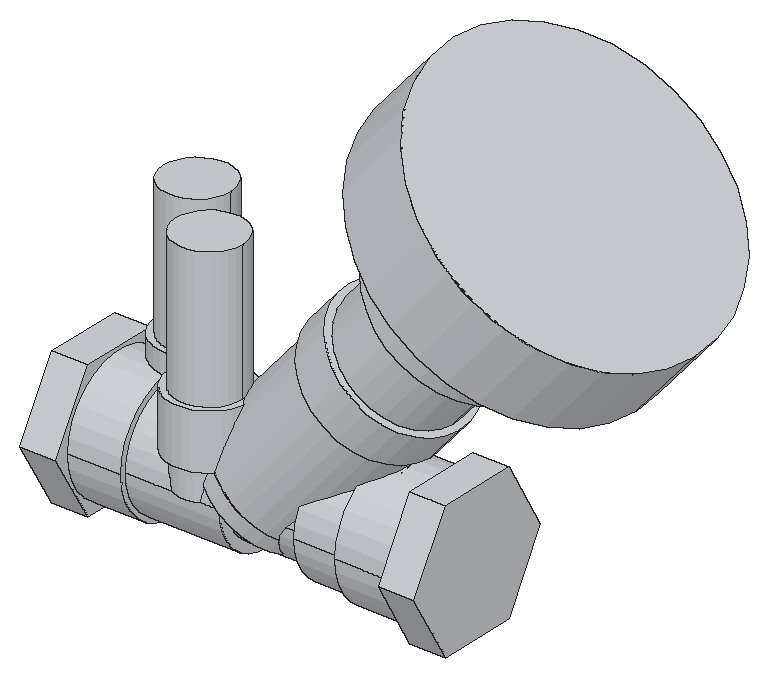
Revit family "D9515-DN-RFA_2018", category Pipe Accessories, Revit 2018
Family settings
  Round Connector Dimension = Use Diameter
  Part Type = Valve - Breaks Into
  Work Plane-Based = No
  Always vertical = Yes
  Cut with Voids When Loaded = No
  Shared = No
Parameters (values of type "D9515 DN15")
  magiProductId = "17cbc467cde14417a5a74aa240a316"
  magiProductFamilyId = "2231140663314cd0b01ba8939d6b11"
  magiPartTypeId = 304
  isMeasuringValve [instance] = no
  ang2D [instance] = 0.00°
  W2D = 15 mm
  W21 = 6.75 mm
  VersionID = "2.0/2017.10.31.1/VIR_9515_001"
  Use Minimum Symbol Size [instance] = yes
  URL = "www.hydronix.cz"
  Type Comments = "Ruční vyvažovací ventil s měřením na cloně; PN25; -10~+130°C; (měřicí vsuvky -10~+120°C)"
  RN2 = 17.55 mm
  RN = 17.55 mm
  R7 = 9 mm
  R6 = 7.5 mm
  R3 = 14.625 mm
  R2 = 13.5 mm
  R14 = 20 mm
  R13 = 14.625 mm
  R12 = 16.087 mm
  R11 = 14.625 mm
  R1 = 11.25 mm
  QmdConnectorList = "301;D;302;D"
  Productdata [instance] = ""
  NUT1 = no
  Manufacturer = "Hydronix"
  MC Product Code = "9515 015 (DN15, PN25; kvs1,92; kvc2,80)"
  MC Piping Given Pressure Drop [instance] = 0.0 Pa
  L_2 = 43.9 mm
  L5 = 2 mm
  L4__ve = -L4  # -21 mm
  L4 = 21 mm
  L3 = 10 mm
  L2__ve = -L2  # -12 mm
  L2D_Min = 3048 mm
  L2D = 87.8 mm
  L22 = 21 mm
  L21 = 7.5 mm
  L2 = 12 mm
  L1__ve = -L1  # -8 mm
  L1 = 8 mm
  HWR = 35 mm
  H24 = 30.9 mm
  H23 = 12.36 mm
  H22 = 6.725 mm
  H21 = 6.625 mm
  H15 = 20 mm
  H14 = 19.088 mm
  H13 = 9 mm
  H12 = 10 mm
  H11 = 32 mm
  H10 = 4 mm
  Description = "Ruční vyvažovací ventil s měřením na cloně; PN25"
  D = 15 mm
  CenSd_RN_6 = RN * cos(30.00°)  # 15.199 mm
  CenSd_RN2_6 = RN2 * cos(30.00°)  # 15.199 mm
  CAT0 = yes
Types (6, lengths in mm): name | magiProductId | W21 | RN2 | RN | R3 | R2 | R13 | R12 | R11 | R1 | MC Product Code | L_2 | L3 | L2__ve | L2 | L1__ve | L1 | H24 | H23 | H22 | H21 | H14 | H12 | H10 | D | CenSd_RN_6 | CenSd_RN2_6
  D9515 DN15 | "17cbc467cde14417a5a74aa240a316" | 6.75 | 17.55 | 17.55 | 14.625 | 13.5 | 14.625 | 16.087 | 14.625 | 11.25 | "9515 015 (DN15, PN25; kvs1,92; kvc2,80)" | 43.9 | 10 | -12 | 12 | -8 | 8 | 30.9 | 12.36 | 6.725 | 6.625 | 19.088 | 10 | 4 | 15 | 15.199 | 15.199
  D9515 DN20 | "db511cd39f454f418d6e49e6ac0c56" | 7.5 | 19.5 | 19.5 | 16.25 | 15 | 16.25 | 17.875 | 16.25 | 12.5 | "9515 020 (DN20, PN25; kvs3,67; kvc5,33)" | 47.95 | 10 | -12 | 12 | -9 | 9 | 30.9 | 12.36 | 8.35 | 8.25 | 18.088 | 10 | 5 | 20 | 16.887 | 16.887
  D9515 DN25 | "e8aaae3d88cc438088acb51c2ae749" | 8.25 | 21.45 | 21.45 | 17.875 | 16.5 | 17.875 | 19.663 | 17.875 | 13.75 | "9515 025 (DN25, PN25; kvs6,24; kvc9,72)" | 50 | 12 | -14 | 14 | -10 | 10 | 30.9 | 12.36 | 9.975 | 9.875 | 17.088 | 10 | 6 | 25 | 18.576 | 18.576
  D9515 DN32 | "dc2d0354abae4200a8eaff76faf524" | 9.3 | 20.4 | 24.18 | 20.15 | 18.6 | 17 | 22.165 | 20.15 | 15.5 | "9515 032 (DN32, PN25; kvs12,54; kvc20,25)" | 58.75 | 13 | -15 | 15 | -11.4 | 11.4 | 36.9 | 14.76 | 12.25 | 12.15 | 37.197 | 15 | 7 | 32 | 20.94 | 17.667
  D9515 DN40 | "9b6b6dd7761a428fa780a8a57ab3c3" | 10.5 | 20.4 | 27.3 | 22.75 | 21 | 17 | 25.025 | 22.75 | 17.5 | "9515 040 (DN40, PN25; kvs19,59; kvc30,23)" | 63.5 | 14 | -16 | 16 | -13 | 13 | 37.5 | 15 | 14.85 | 14.75 | 38.807 | 15 | 8 | 40 | 23.642 | 17.667
  D9515 DN50 | "6b5b9dd02a164b53a7f96efb176f34" | 12 | 20.4 | 31.2 | 26 | 24 | 17 | 28.6 | 26 | 20 | "9515 050 (DN50, PN25; kvs29,72; kvc55,07)" | 72.65 | 15 | -17 | 17 | -15 | 15 | 40.8 | 16.32 | 18.1 | 18 | 51.167 | 15 | 10 | 50 | 27.02 | 17.667
Reference planes
  plane 1 "Center (Front/Back)": y = 0
  plane 2 "XYPLANE": z = 0
  plane 3 "Center (Left/Right)": x = 0
  plane 4 "329": through (-573.962, 0, 485.155) normal (0.6428, 0, 0.766)
  plane 5 "328": y = -6.75
  plane 6 "327": y = 6.75
  plane 7 "312": through (-553.393, 0, 509.668) normal (0.6428, 0, 0.766)
  plane 8 "176": z = 18.985
  plane 9 "173": z = 6.725
  plane 10 "163": x = -2
  plane 11 "158": x = 13.9
  plane 12 "157": x = 23.9
  plane 13 "154": x = -2.9
  plane 14 "83": z = 19.085
  plane 15 "76": x = -23.9
  plane 16 "73": z = 6.625
  plane 17 "70": z = 0
  plane 18 "69": y = 0
  plane 19 "68": x = -10.4
  plane 20 "60": through (-521.84, 0, 547.272) normal (0.6428, 0, 0.766)
  plane 21 "57": through (-534.695, 0, 531.951) normal (0.6428, 0, 0.766)
  plane 22 "54": through (-546.965, 0, 517.329) normal (0.6428, 0, 0.766)
  plane 23 "32": through (-576.533, 0, 482.091) normal (0.6428, 0, 0.766)
  plane 24 "31": y = 0
  plane 25 "30": through (480.091, 0, 574.533) normal (0.766, 0, -0.6428)
  plane 26 "21": x = -23.9
  plane 27 "20": x = 35.9
  plane 28 "19": x = -35.9
  plane 29 "13": x = 0
  plane 30 "11": x = 43.9
  plane 31 "10": x = -43.9
  plane 32 "9": y = 0
  plane 33 "8": z = 0
  plane 34 "65XY": z = 0
  plane 35 "65XZ": y = 0
  plane 36 "65YZ": x = -2.9
  plane 37 "27XY": through (-576.533, 0, 482.091) normal (0.6428, 0, 0.766)
  plane 38 "27XZ": y = 0
  plane 39 "27YZ": through (480.091, 0, 574.533) normal (0.766, 0, -0.6428)
Forms (mm)
  Extrusion 1, solid, visible <- "CAT0"
    sketch origin (-576.533, 0, 482.091) x (0.766044, 0, -0.642788) y (0, 1, 0)
      loop
        circle (750, 0) r 14.625
    from 0 to 4 <- "H10"
  Extrusion 2, solid
    sketch origin (23.9, -750, 0) x (0, 1, 0) y (0, 0, 1)
      loop
        circle (750, 0) r 14.625
    from 0 to 12 <- "L2"
  Extrusion 3, solid
    sketch origin (13.9, -750, 0) x (0, 1, 0) y (0, 0, 1)
      loop
        circle (750, 0) r 13.5
    from 0 to 10 <- "L3"
  Extrusion 4, solid
    sketch origin (-23.9, -750, 0) x (0, 1, 0) y (0, 0, 1)
      loop
        circle (750, 0) r 14.625
    from 0 to -12 <- "L2__ve"
  Extrusion 5, solid
    sketch origin (-2.9, -750, 0) x (0, 1, 0) y (0, 0, 1)
      loop
        circle (750, 0) r 13.5
    from 0 to -21 <- "L4__ve"
  Extrusion 6, solid
    sketch origin (-573.962, 0, 485.155) x (0.766044, 0, -0.642788) y (0, 1, 0)
      loop
        circle (750, 0) r 14.625
    from 0 to 32 <- "H11"
  Extrusion 7, solid
    sketch origin (-2.9, 750, 18.985) x (0, -1, 0) y (1, 0, 0)
      loop
        circle (743.25, -21) r 7.5
    from 0 to 30.9 <- "H24"
  Extrusion 8, solid
    sketch origin (-2.9, 750, 6.625) x (0, -1, 0) y (1, 0, 0)
      loop
        circle (743.25, -21) r 9
    from 0 to 12.36 <- "H23"
  Extrusion 9, solid
    sketch origin (-546.965, 0, 517.329) x (0.766044, 0, -0.642788) y (0, 1, 0)
      loop
        circle (750, 0) r 14.625
    from 0 to 19.088 <- "H14"
  Extrusion 10, solid, visible <- "NUT1"
    sketch origin (-546.965, 0, 517.329) x (0.766044, 0, -0.642788) y (0, 1, 0)
      loop
        line (750, 17.55) -> (734.801, 8.775) -> (734.801, -8.775) -> (750, -17.55) -> (765.199, -8.775) -> (765.199, 8.775) -> (750, 17.55)
    from 0 to 9 <- "H13"
  Blend 11, solid
    base sketch origin (-2.9, -750, 0) x (0, 1, 0) y (0, 0, 1)
      loop
        circle (750, 0) r 11.25
    top sketch origin (-2.9, -750, 0) x (0, 1, 0) y (0, 0, 1)
      loop
        circle (750, 0) r 11.25
    from 0 to 16.8
  Extrusion 12, solid
    sketch origin (-2.9, 750, 0) x (0, -1, 0) y (1, 0, 0)
      loop
        circle (756.75, -7.5) r 7.5
    from 0 to 6.725 <- "H22"
  Extrusion 13, solid
    sketch origin (-2.9, 750, 19.085) x (0, -1, 0) y (1, 0, 0)
      loop
        circle (756.75, -7.5) r 7.5
    from 0 to 30.9 <- "H24"
  Extrusion 14, solid
    sketch origin (-2.9, 750, 0) x (0, -1, 0) y (1, 0, 0)
      loop
        circle (743.25, -21) r 7.5
    from 0 to 6.625 <- "H21"
  Extrusion 15, solid
    sketch origin (-2.9, 750, 6.725) x (0, -1, 0) y (1, 0, 0)
      loop
        circle (756.75, -7.5) r 9
    from 0 to 12.36 <- "H23"
  Extrusion 16, solid, visible <- "CAT0"
    sketch origin (-521.84, 0, 547.272) x (0.766044, 0, -0.642788) y (0, 1, 0)
      loop
        circle (750, 0) r 35
    from 0 to 20 <- "H15"
  Extrusion 17, solid
    sketch origin (-534.695, 0, 531.951) x (0.766044, 0, -0.642788) y (0, 1, 0)
      loop
        circle (750, 0) r 20
    from 0 to 20 <- "H15"
  Extrusion 18, solid
    sketch origin (-553.393, 0, 509.668) x (0.766044, 0, -0.642788) y (0, 1, 0)
      loop
        circle (750, 0) r 16.087
    from 0 to 10 <- "H12"
  Extrusion 19, solid
    sketch origin (43.9, -750, 0) x (0, 1, 0) y (0, 0, 1)
      loop
        line (732.45, 0) -> (741.225, -15.199) -> (758.775, -15.199) -> (767.55, 0) -> (758.775, 15.199) -> (741.225, 15.199) -> (732.45, 0)
    from 0 to -8 <- "L1__ve"
  Extrusion 20, solid
    sketch origin (-43.9, -750, 0) x (0, 1, 0) y (0, 0, 1)
      loop
        line (767.55, 0) -> (758.775, 15.199) -> (741.225, 15.199) -> (732.45, 0) -> (741.225, -15.199) -> (758.775, -15.199) -> (767.55, 0)
    from 0 to 8 <- "L1"
  Extrusion 21, solid, not visible
    sketch origin (43.9, -750, 0) x (0, 1, 0) y (0, 0, 1)
      loop
        circle (750, 0) r 10
    from 0 to -10
  Extrusion 22, solid, not visible
    sketch origin (-43.9, -750, 0) x (0, 1, 0) y (0, 0, 1)
      loop
        circle (750, 0) r 10
    from 0 to 10
Lines and regions (mm)
  reference lines, not visible
    curve 1: circle (2, 2, 0) r 1 normal (0, 0, 1)
  reference lines
    curve 2: line (27.568, 0, 35.238) -> (33.39, -4.387, 30.353)
    curve 3: line (27.568, 0, 35.238) -> (27.568, -8.775, 35.238)
    curve 4: line (27.568, 0, 35.238) -> (21.747, -4.387, 40.123)
    curve 5: line (43.9, 0, 0) -> (43.9, 4.387, -7.599)
    curve 6: line (43.9, 0, 0) -> (43.9, 8.775, 0)
    curve 7: line (43.9, 0, 0) -> (43.9, 4.387, 7.599)
    curve 8: line (-43.9, 0, 0) -> (-43.9, -4.387, -7.599)
    curve 9: line (-43.9, 0, 0) -> (-43.9, -8.775, 0)
    curve 10: line (-43.9, 0, 0) -> (-43.9, -4.387, 7.599)
Dimensions and locks
  plane 1 "Center (Front/Back)" to curve 1 = 2 mm
  "H10": plane 23 "32" to plane 4 "329"
  "W21": plane 18 "69" to plane 5 "328"
  "W21": plane 18 "69" to plane 6 "327"
  "H11": plane 4 "329" to plane 7 "312"
  "H23": plane 16 "73" to plane 8 "176"
  "H22": plane 17 "70" to plane 9 "173"
  "L5": plane 29 "13" to plane 10 "163"
  "L3": plane 12 "157" to plane 11 "158"
  "L2": plane 27 "20" to plane 12 "157"
  "L4": plane 26 "21" to plane 13 "154"
  "H23": plane 9 "173" to plane 14 "83"
  "L22": plane 13 "154" to plane 15 "76"
  "H21": plane 17 "70" to plane 16 "73"
  locked: plane 33 "8" to plane 17 "70"
  locked: plane 32 "9" to plane 18 "69"
  "L21": plane 13 "154" to plane 19 "68"
  "H15": plane 21 "57" to plane 20 "60"
  "H14": plane 22 "54" to plane 21 "57"
  "H12": plane 7 "312" to plane 22 "54"
  locked: plane 37 "27XY" to plane 23 "32"
  locked: plane 32 "9" to plane 24 "31"
  locked: plane 39 "27YZ" to plane 25 "30"
  "L2": plane 28 "19" to plane 26 "21"
  "L1": plane 30 "11" to plane 27 "20"
  "L1": plane 31 "10" to plane 28 "19"
  locked: plane 3 "Center (Left/Right)" to plane 29 "13"
  "L_2": plane 3 "Center (Left/Right)" to plane 30 "11"
  "L_2": plane 3 "Center (Left/Right)" to plane 31 "10"
  locked: plane 1 "Center (Front/Back)" to plane 32 "9"
  locked: plane 2 "XYPLANE" to plane 33 "8"
  "CenSd_RN2_6": curve 2 to Extrusion 10 sketch curve  (x2)
  "CenSd_RN2_6": curve 3 to Extrusion 10 sketch curve  (x2)
  "CenSd_RN2_6": curve 4 to Extrusion 10 sketch curve  (x2)
  Extrusion 10 sketch curve to Extrusion 10 sketch curve = 0 mm  (x12)
  "CenSd_RN_6": curve 5 to Extrusion 19 sketch curve  (x2)
  "CenSd_RN_6": curve 6 to Extrusion 19 sketch curve  (x2)
  "CenSd_RN_6": curve 7 to Extrusion 19 sketch curve  (x2)
  Extrusion 19 sketch curve to Extrusion 19 sketch curve = 0 mm  (x12)
  "CenSd_RN_6": curve 8 to Extrusion 20 sketch curve  (x2)
  "CenSd_RN_6": curve 9 to Extrusion 20 sketch curve  (x2)
  "CenSd_RN_6": curve 10 to Extrusion 20 sketch curve  (x2)
  Extrusion 20 sketch curve to Extrusion 20 sketch curve = 0 mm  (x12)
  "R11": radius of Extrusion 1 sketch curve
  "R3": radius of Extrusion 2 sketch curve
  "R2": radius of Extrusion 3 sketch curve
  "R3": radius of Extrusion 4 sketch curve
  "R2": radius of Extrusion 5 sketch curve
  "R11": radius of Extrusion 6 sketch curve
  "R6": radius of Extrusion 7 sketch curve
  "R7": radius of Extrusion 8 sketch curve
  "R13": radius of Extrusion 9 sketch curve
  "R1": radius of Blend 11 sketch curve  (x2)
  "R6": radius of Extrusion 12 sketch curve
  "R6": radius of Extrusion 13 sketch curve
  "R6": radius of Extrusion 14 sketch curve
  "R7": radius of Extrusion 15 sketch curve
  "HWR": radius of Extrusion 16 sketch curve
  "R14": radius of Extrusion 17 sketch curve
  "R12": radius of Extrusion 18 sketch curve
  locked: curve 3 to curve 2 (angle 60.00°)
  locked: curve 4 to curve 3 (angle 60.00°)
  locked: curve 4 to curve 2 (angle 120.00°)
  locked: curve 6 to curve 5 (angle 60.00°)
  locked: curve 7 to curve 6 (angle 60.00°)
  locked: curve 7 to curve 5 (angle 120.00°)
  locked: curve 9 to curve 8 (angle 60.00°)
  locked: curve 10 to curve 9 (angle 60.00°)
  locked: curve 10 to curve 8 (angle 120.00°)
  aligned and locked: level to plane 2 "XYPLANE"
  aligned and locked: plane 24 "31" to Extrusion 1 sketch curve
  aligned and locked: Extrusion 1 sketch curve to plane 25 "30"
  aligned and locked: Extrusion 2 sketch curve to plane 32 "9"
  aligned and locked: plane 33 "8" to Extrusion 2 sketch curve
  aligned and locked: Extrusion 3 sketch curve to plane 32 "9"
  aligned and locked: plane 33 "8" to Extrusion 3 sketch curve
  aligned and locked: Extrusion 4 sketch curve to plane 32 "9"
  aligned and locked: plane 33 "8" to Extrusion 4 sketch curve
  aligned and locked: Extrusion 5 sketch curve to plane 32 "9"
  aligned and locked: plane 33 "8" to Extrusion 5 sketch curve
  aligned and locked: plane 24 "31" to Extrusion 6 sketch curve
  aligned and locked: Extrusion 6 sketch curve to plane 25 "30"
  aligned and locked: plane 6 "327" to Extrusion 7 sketch curve
  aligned and locked: plane 15 "76" to Extrusion 7 sketch curve
  aligned and locked: plane 6 "327" to Extrusion 8 sketch curve
  aligned and locked: plane 15 "76" to Extrusion 8 sketch curve
  aligned and locked: plane 24 "31" to Extrusion 9 sketch curve
  aligned and locked: Extrusion 9 sketch curve to plane 25 "30"
  aligned and locked: curve 2 to plane 25 "30"
  aligned and locked: plane 24 "31" to curve 3
  aligned and locked: Blend 11 sketch curve to plane 32 "9"  (x2)
  aligned and locked: plane 33 "8" to Blend 11 sketch curve  (x2)
  aligned and locked: plane 11 "158" to Blend 11
  aligned and locked: plane 5 "328" to Extrusion 12 sketch curve
  aligned and locked: plane 19 "68" to Extrusion 12 sketch curve
  aligned and locked: plane 5 "328" to Extrusion 13 sketch curve
  aligned and locked: plane 19 "68" to Extrusion 13 sketch curve
  aligned and locked: plane 6 "327" to Extrusion 14 sketch curve
  aligned and locked: plane 15 "76" to Extrusion 14 sketch curve
  aligned and locked: plane 5 "328" to Extrusion 15 sketch curve
  aligned and locked: plane 19 "68" to Extrusion 15 sketch curve
  aligned and locked: plane 24 "31" to Extrusion 16 sketch curve
  aligned and locked: Extrusion 16 sketch curve to plane 25 "30"
  aligned and locked: plane 24 "31" to Extrusion 17 sketch curve
  aligned and locked: Extrusion 17 sketch curve to plane 25 "30"
  aligned and locked: plane 24 "31" to Extrusion 18 sketch curve
  aligned and locked: Extrusion 18 sketch curve to plane 25 "30"
  aligned and locked: curve 7 to plane 32 "9"
  aligned and locked: plane 33 "8" to curve 7
  aligned and locked: curve 10 to plane 32 "9"
  aligned and locked: plane 33 "8" to curve 10
  aligned and locked: Extrusion 21 sketch curve to plane 32 "9"
  aligned and locked: plane 33 "8" to Extrusion 21 sketch curve
  aligned and locked: Extrusion 22 sketch curve to plane 32 "9"
  aligned and locked: plane 33 "8" to Extrusion 22 sketch curve
Automatic sketch dimensions
  Extrusion 21 sketch curve to plane 5 "328" = 3.25 mm
  Extrusion 22 sketch curve to plane 5 "328" = 3.25 mm
  plane 3 "Center (Left/Right)" to curve 1 = 2 mm
  radius of curve 1 = 1 mm
Connectors
  piping at (-43.9, 0, 0), diameter 15, driven by "D"
    settings: on Extrusion 22, index 1, connector inside diameter 609.6 mm, connector length 0 mm, flow factor 0, pipe flow 0.0 L/s, pressure drop 0.0 Pa, fitting loss kfactor 0, connector angle 0.00°, fixture units 0, engagement length 0 mm, angle of deflection 0.00°, flow configuration 0, flow direction 0, fitting loss method 0, system type 29, joint type 0, gender type 0, connector reference index 2, connector utility 0, adjustable connector no, is connector primary yes, connector description ""
  piping at (43.9, 0, 0), diameter 15, driven by "D"
    settings: on Extrusion 21, index 2, connector inside diameter 609.6 mm, connector length 0 mm, flow factor 0, pipe flow 0.0 L/s, pressure drop 0.0 Pa, fitting loss kfactor 0, connector angle 0.00°, fixture units 0, engagement length 0 mm, angle of deflection 0.00°, flow configuration 0, flow direction 0, fitting loss method 0, system type 29, joint type 0, gender type 0, connector reference index 1, connector utility 0, adjustable connector no, is connector primary no, connector description ""
